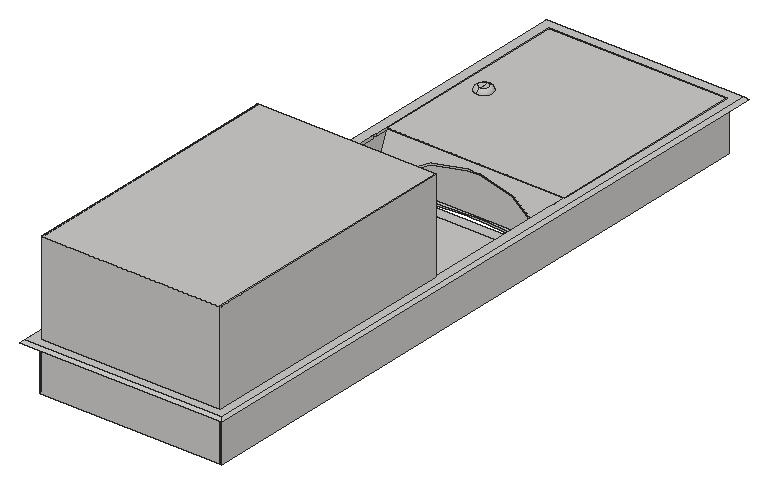
Revit family "Paper_Towel_Dispenser_Waste_Receptacle-Bobrick-Classic_Series-B-3947 (2)", category Specialty Equipment, host Face, Revit 2018
Family settings
  Host = Face
  Round Connector Dimension = Use Diameter
  Part Type = Normal
  OmniClass Number = 23.40.20.21.17
  OmniClass Title = Paper Towel Dispensers, Disposal Units
  Cut with Voids When Loaded = No
  Shared = Yes
  Room Calculation Point = No
Parameters (values of type "B-3947")
  Width = 17 3/16"
  Warranty Documentation Link = "https://www.bobrick.com/wp-content/uploads/product_warranties-6.pdf"
  URL = "https://www.bobrick.com/"
  Type Comments = "Dispenses 600 C-fold or 800 multifold towels."
  Revised Date = "05/16/2022"  # constant formula
  Paper Towel Dispenser Material = Stainless Steel-Bobrick-Satin
  Minimum Recessed Depth = 4"
  Product Page URL = "https://www.bobrick.com/products/washroom-accessories/restroom-accessories-catalog/combination-towel-waste-units/product/b-3947/"
  Product Documentation Link = "https://www.bobrick.com/wp-content/uploads/B-3947_td.pdf"
  Mounting Height Constraint = if(ADA, 59 1/2", if(Mounting Height < 66", 66", if(Mounting Height > 73", 73", Mounting Height)))  # 59 1/2"
  Mounting Height = 60"
  Model = "B-3947"
  Material = "Stainless Steel-Bobrick-Satin"
  Manufacturer = "Bobrick"  # constant formula
  Label = ""
  Installation Type = "Recessed Wall Mounted"  # constant formula
  Inner Frame Width = 15 3/16"
  Height = 56"
  Flange Material = Stainless Steel-Bobrick-Satin
  Door Material = Stainless Steel-Bobrick-Satin
  Description = "Recessed Convertible Paper Towel Dispenser/Waste Receptacle"
  Default Elevation = 0"
  Creation Date = "08/20/2021"  # constant formula
  Capacity = "18-gal. (68.0-L)"  # constant formula
  Cabinet Material = Stainless Steel-Bobrick-Satin
  Assembly Code = "C1030200"
  ADA Compliant = if(ADA, 1 > 0, 1 < 0)  # yes
  ADA = yes
  3974-250 Convertible Automatic, Universal Roll Paper Towel Dispenser Module Equipped with LED Light. = no
  3961-50 Touch-Free, Pull Towel Dispenser Module = no
  3944-134 Liner Mate = no
  3944-130 Towel Mate = no
  368-60 Interchangeable Receptacle = no
  367-60 Interchangeable Receptacle, 12-gal. (45.5-L). = no
Reference planes (in)
  plane 1 "Center (Front/Back)": y = 0
  plane 2: z = 0
  plane 3 "Center (Left/Right)": x = 0
  plane 4: x = -8.59375
  plane 5: x = 8.59375
  plane 6: y = 56
  plane 7: y = 55
  plane 8: y = 1
  plane 9: x = -7.59375
  plane 10: x = 7.59375
  plane 11: z = -4
  plane 12: z = 0.1875
  plane 13: z = 8
  plane 14: y = 36.875
  plane 15: y = -4.5
Forms (in)
  Sweep 1, solid, material "Stainless Steel-Bobrick-Satin"
    path origin (0, 28, 0) x (1, 0, 0) y (0, 1, 0)
      loop
        line (-8.59375, 28) -> (-8.59375, -28) -> (8.59375, -28) -> (8.59375, 28) -> (-8.59375, 28)
    profile origin (0, 56, 0) x (0, 1, 0) y (0, 0, 1)
      loop
        line (0, 0) -> (-0.22345, 0.1875) -> (-1, 0.1875) -> (-1, 0) -> (0, 0)
  Extrusion 2, solid, material "Stainless Steel-Bobrick-Satin"
    sketch origin (0, 28, 0) x (1, 0, 0) y (0, 1, 0)
      loop
        line (-7.625, -27) -> (-7.625, 27) -> (-7.75, 27) -> (-7.75, -27) -> (-7.625, -27)
      loop
        line (7.625, 27) -> (7.625, -27) -> (7.75, -27) -> (7.75, 27) -> (7.625, 27)
      loop
        line (-7.611, -27) -> (-7.611, -27.0625) -> (7.60772, -27.0625) -> (7.60772, -27) -> (-7.611, -27)
      loop
        line (7.59375, 27) -> (7.59375, 27.0625) -> (-7.59375, 27.0625) -> (-7.59375, 27) -> (7.59375, 27)
    from -4 to 0
  Extrusion 3, solid, material "Stainless Steel-Bobrick-Satin"
    sketch origin (0, 28, 0.125) x (1, 0, 0) y (0, 1, 0)
      loop
        line (-7.625, 27) -> (-7.625, -27) -> (7.75, -27) -> (7.75, 27) -> (-7.625, 27)
    from -4.125 to -4
  Extrusion 4, solid, material "Stainless Steel-Bobrick-Satin"
    sketch origin (0, 28, 0) x (1, 0, 0) y (0, 0, 1)
      loop
        line (7.56135, 8) -> (-7.56135, 8)
        arc (-7.56135, 8) -> (-7.58426, 7.99051) -> (-7.59375, 7.9676) r 0.0324
        line (-7.59375, 7.9676) -> (-7.59375, -4) -> (-7.5625, -4) -> (-7.5625, 7.96875) -> (7.5625, 7.96875) -> (7.5625, -4) -> (7.59375, -4) -> (7.59375, 7.9676)
        arc (7.59375, 7.9676) -> (7.58426, 7.99051) -> (7.56135, 8) r 0.0324
    from 4 to 27
  Extrusion 5, solid, material "Stainless Steel-Bobrick-Satin"
    sketch origin (0, 28, 0) x (1, 0, 0) y (0, 0, 1)
      loop
        line (7.59375, 8) -> (-7.59375, 8) -> (-7.59375, -4) -> (7.59375, -4) -> (7.59375, 8)
    from 26.9211 to 27
  Extrusion 6, solid, material "Stainless Steel-Bobrick-Satin"
    sketch origin (0, 28, 0) x (1, 0, 0) y (0, 1, 0)
      loop
        line (7.59375, 9.75) -> (7.59375, 27) -> (-7.59375, 27) -> (-7.59375, 9.75) -> (7.59375, 9.75)
    from -4 to 0.1875
  Extrusion 7, solid, material "Stainless Steel-Bobrick-Satin"
    sketch origin (0, 28, 0) x (0, 1, 0) y (0, 0, 1)
      loop
        line (9.75, 0.125) -> (8, -4) -> (8.06774, -4) -> (9.75, 0.02541) -> (9.75, 0.125)
    from -7.59375 to 7.59375
  Extrusion 8, void
    sketch origin (0, 28, 0) x (1, 0, 0) y (0, 1, 0)
      loop
        line (0, 8.25) -> (7.625, 8.25) -> (7.625, 8.64941) -> (6.40796, 8.64941)
        arc (6.40796, 8.64941) -> (3.48657, 9.3082) -> (0.5, 9.5294) r 20.27215
        line (0.5, 9.5294) -> (0, 9.5294) -> (-0.5, 9.5294)
        arc (-0.5, 9.5294) -> (-3.51748, 9.30822) -> (-6.47046, 8.64941) r 20.69397
        line (-6.47046, 8.64941) -> (-7.625, 8.64941) -> (-7.625, 8.25) -> (0, 8.25)
    from -4 to 1.55602
  Revolve 9, solid, material "Stainless Steel-Bobrick-Satin"
    sketch origin (-5.74397, 49.39798, 2.09529) x (0, 0.892013, -0.452011) y (0, 0.452011, 0.892013)
      loop
        line (-2.375, -3.29161) -> (-1.72604, -3.02223)
        arc (-1.72604, -3.02223) -> (-1.91004, -2.86769) -> (-2.15021, -2.87541) r 0.33627
        line (-2.15021, -2.87541) -> (-2.46484, -3.07518) -> (-2.375, -3.29161)
      axis (-2.52493, -3.06884) -> (-2.37584, -3.35766)
    angle from 0 to 360
  Extrusion 10, void
    sketch origin (-24.1231, 0.625, 0) x (1, 0, 0) y (0, 1, 0)
      loop
        line (16.1856, 54.75) -> (16.1856, 0) -> (32.0606, 0) -> (32.0606, 54.75) -> (16.1856, 54.75)
    from -4 to 12
Cuts and joins
  Extrusion 8 cuts Sweep 1
  Extrusion 8 cuts Extrusion 2
  Extrusion 8 cuts Extrusion 3
  joined: Extrusion 2, Extrusion 3, Extrusion 4, Extrusion 5
  Extrusion 8 cuts Extrusion 7
Lines and regions (in)
  Masking region 1
    outline origin (0, 0, 0) x (1, 0, 0) y (0, 0, 1)
      loop
        line (7.59375, 8) -> (-7.59375, 8) -> (-7.59375, 0.1875) -> (-8.3703, 0.1875) -> (-8.59375, 0) -> (8.59375, 0) -> (8.3703, 0.1875) -> (7.59375, 0.1875) -> (7.59375, 8)
  symbolic lines, detail levels medium+fine
    curve 1: line (8.29581, 0, 0.1875) -> (-8.29581, 0, 0.1875)
    curve 2: line (7.5625, 0, 7.96875) -> (7.5625, 0, 0.1875)
    curve 3: line (-7.5625, 0, 7.96875) -> (7.5625, 0, 7.96875)
    curve 4: line (-7.5625, 0, 0.1875) -> (-7.5625, 0, 7.96875)
  symbolic lines, detail levels fine
    curve 5: line (-5.46523, 0, 0.51048) -> (-6.14883, 0, 0.51048)
    curve 6: arc (-5.10646, 0, 0.1875) -> (-5.22386, 0, 0.41784) -> (-5.46523, 0, 0.51048) r 0.36076
    curve 7: arc (-6.50761, 0, 0.1875) -> (-6.3902, 0, 0.41784) -> (-6.14883, 0, 0.51048) r 0.36076
Dimensions and locks (in)
  equal spacing: plane 4, plane 3 "Center (Left/Right)", plane 5
  "Width": plane 4 to plane 5
  "Height": plane 1 "Center (Front/Back)" to plane 6
  locked: plane 7 to plane 8 at 54
  locked: plane 6 to plane 7 at 1
  locked: plane 1 "Center (Front/Back)" to plane 8 at 1
  equal spacing: plane 9, plane 3 "Center (Left/Right)", plane 10
  "Inner Frame Width": plane 9 to plane 10
  "Minimum Recessed Depth": host face to plane 11
  plane 13 to host face = 8"
  plane 12 to host face = 3/16"
  plane 12 to plane 11 = 4 3/16"
  "Mounting Height Constraint": plane 7 to plane 15
  plane 7 to plane 14 = 18 1/8"
  locked: cut or joined group of Extrusion 2, Extrusion 3, Extrusion 4, Extrusion 5, Extrusion 8 to cut or joined group of Extrusion 2, Extrusion 3, Extrusion 4, Extrusion 5, Extrusion 8 at 23
  cut or joined group of Extrusion 2, Extrusion 3, Extrusion 4, Extrusion 5, Extrusion 8 to cut or joined group of Extrusion 2, Extrusion 3, Extrusion 4, Extrusion 5, Extrusion 8 = 54 1/8"
  aligned and locked: plane 2 to host face
  aligned and locked: level to host face
  aligned and locked: Masking region 1 sketch curve to cut or joined group of Extrusion 2, Extrusion 3, Extrusion 4, Extrusion 5, Extrusion 8  (x2)
  aligned and locked: cut or joined group of Extrusion 2, Extrusion 3, Extrusion 4, Extrusion 5, Extrusion 8 to Masking region 1 sketch curve
  aligned and locked: Masking region 1 sketch curve to cut or joined group of Sweep 1, Extrusion 8  (x3)
  aligned and locked: cut or joined group of Sweep 1, Extrusion 8 to Masking region 1 sketch curve
  aligned and locked: curve 1 to Extrusion 6
  aligned and locked: curve 2 to cut or joined group of Extrusion 2, Extrusion 3, Extrusion 4, Extrusion 5, Extrusion 8
  aligned and locked: curve 3 to cut or joined group of Extrusion 2, Extrusion 3, Extrusion 4, Extrusion 5, Extrusion 8
  aligned and locked: cut or joined group of Extrusion 2, Extrusion 3, Extrusion 4, Extrusion 5, Extrusion 8 to curve 4
  aligned and locked: Extrusion 6 to cut or joined group of Extrusion 2, Extrusion 3, Extrusion 4, Extrusion 5, Extrusion 8
  aligned and locked: Extrusion 10 to Extrusion 6
  aligned and locked: Sweep 1 sketch curve to plane 12
  aligned and locked: cut or joined group of Sweep 1, Extrusion 8 to Extrusion 6
Automatic sketch dimensions
  curve 4 to curve 5 = 1.41367"
  curve 7 to curve 5 = 175/256"
  plane 12 to curve 6 = 0.03778"
  plane 12 to curve 7 = 0.03778"
  plane 4 to curve 1 = 0.29794"
  plane 5 to curve 1 = 0.29794"
  host sketch curve to host sketch curve = 96"
  host sketch curve to host sketch curve = 121"
  plane 1 "Center (Front/Back)" to Sweep 1 sketch curve = 0"
  Sweep 1 sketch curve to plane 4 = 0"
  Sweep 1 sketch curve to plane 5 = 0"
  Sweep 1 sketch curve to plane 6 = 0"
  Extrusion 3 sketch curve to plane 8 = 0"
  Extrusion 3 sketch curve to plane 7 = 0"
  plane 9 to Extrusion 3 sketch curve = 1/32"
  plane 10 to Extrusion 3 sketch curve = 5/32"
  plane 9 to Extrusion 4 sketch curve = 0"
  Extrusion 4 sketch curve to plane 11 = 0"  (x2)
  Extrusion 4 sketch curve to plane 13 = 0"
  Extrusion 4 sketch curve to plane 10 = 0"
  Extrusion 4 sketch curve to plane 9 = 1/32"
  Extrusion 4 sketch curve to Extrusion 4 sketch curve = 0.00115"  (x3)
  Extrusion 4 sketch curve to plane 10 = 0.0324"
  plane 9 to Extrusion 5 sketch curve = 0"
  Extrusion 5 sketch curve to plane 10 = 0"
  Extrusion 5 sketch curve to plane 11 = 0"
  Extrusion 5 sketch curve to plane 13 = 0"
  Extrusion 6 sketch curve to plane 9 = 0"
  Extrusion 6 sketch curve to plane 10 = 0"
  Extrusion 6 sketch curve to plane 7 = 0"
  plane 14 to Extrusion 6 sketch curve = 7/8"
  Extrusion 7 sketch curve to plane 14 = 7/8"
  plane 11 to Extrusion 7 sketch curve = 0"
  Extrusion 7 sketch curve to Extrusion 7 sketch curve = 0.06774"
  level to Extrusion 7 sketch curve = 0.02541"
  plane 14 to Extrusion 7 sketch curve = 7/8"
  plane 12 to Extrusion 7 sketch curve = 1/16"
  Extrusion 8 sketch curve to plane 3 "Center (Left/Right)" = 0"  (x2)
  Extrusion 8 sketch curve to Extrusion 8 sketch curve = 1/2"
  Extrusion 8 sketch curve to plane 14 = 0.22559"  (x2)
  Extrusion 8 sketch curve to plane 9 = 1.12329"
  plane 9 to Extrusion 8 sketch curve = 1/32"
  plane 3 "Center (Left/Right)" to Extrusion 8 sketch curve = 1/2"
  Extrusion 8 sketch curve to Extrusion 8 sketch curve = 5.90796"
  plane 10 to Extrusion 8 sketch curve = 1/32"
  Extrusion 8 sketch curve to Extrusion 8 sketch curve = 0.39941"
  plane 8 to Extrusion 8 sketch curve = 15.83543"
  Masking region 1 sketch curve to plane 12 = 0"
  plane 9 to Extrusion 10 sketch curve = 11/32"
  plane 10 to Extrusion 10 sketch curve = 11/32"
  Extrusion 10 sketch curve to plane 8 = 3/8"
  plane 7 to Extrusion 10 sketch curve = 3/8"
  curve 5 to plane 12 = 0.32298"
  Sweep 1 sketch curve to profile plane = 0"  (x2)
  profile plane to Sweep 1 sketch curve = 0.22345"
  Sweep 1 sketch curve to Sweep 1 sketch curve = 0.77655"
  Revolve 9 sketch curve to plane 12 = 0.27883"
  plane 14 to Revolve 9 sketch curve = 8.9343"
  Revolve 9 sketch curve to Revolve 9 sketch curve = 23/256"
  Revolve 9 sketch curve to Revolve 9 sketch curve = 0.31463"
  Revolve 9 sketch curve to Revolve 9 sketch curve = 0.13018"
  Revolve 9 sketch curve to Revolve 9 sketch curve = 0.29399"
  Revolve 9 sketch curve to Revolve 9 sketch curve = 0.11028"
  Revolve 9 sketch curve to Revolve 9 sketch curve = 0.21643"
  Revolve 9 sketch curve to Revolve 9 sketch curve = 0"
  Revolve 9 sketch curve to Revolve 9 sketch curve = 0.14344"
  Revolve 9 sketch curve to Revolve 9 sketch curve = 0.06767"
  Revolve 9 sketch curve to Revolve 9 sketch curve = 0.27787"
  Extrusion 2 sketch curve to plane 7 = 0"  (x3)
  Extrusion 2 sketch curve to plane 8 = 0"  (x3)
  Extrusion 2 sketch curve to plane 9 = 0"
  Extrusion 2 sketch curve to plane 10 = 0"
  plane 9 to Extrusion 2 sketch curve = 0.01725"
  plane 9 to Extrusion 2 sketch curve = 1/32"
  Extrusion 2 sketch curve to Extrusion 2 sketch curve = 1/8"  (x2)
  Extrusion 2 sketch curve to Extrusion 2 sketch curve = 1/16"  (x2)
  plane 10 to Extrusion 2 sketch curve = 0.01397"
  plane 10 to Extrusion 2 sketch curve = 1/32"
